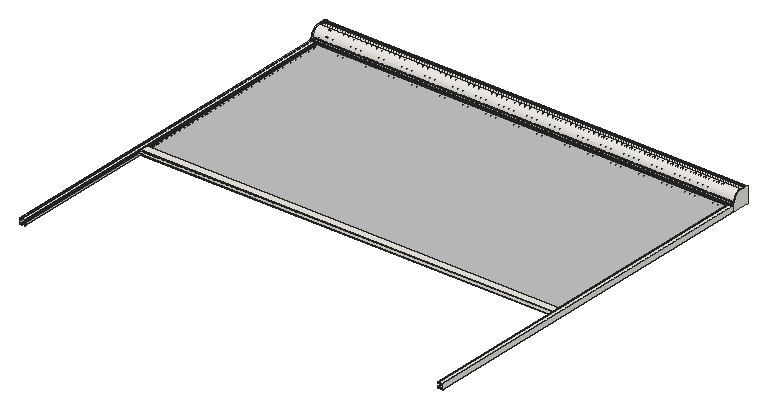
Revit family "Windows_Blinds_Nimex_SC_75", category Specialty Equipment, host Face, Revit 2018
Family settings
  Host = Face
  Round Connector Dimension = Use Diameter
  Part Type = Normal
  OmniClass Number = 23.40.10.14
  OmniClass Title = Exterior Specialties
  Cut with Voids When Loaded = No
  Shared = No
  Room Calculation Point = No
Parameters (values of type "SC 75")
  TotalWidthControl [instance] = if(TotalWidth < 700 mm, 700 mm, if(TotalWidth > 2000 mm, 2000 mm, TotalWidth))  # 2000 mm
  WarrantyStartDate [instance] = "n/a"
  WarrantyGuarantorParts = "n/a"
  WarrantyGuarantorLabor = "n/a"
  WarrantyDurationUnit = "Years"
  WarrantyDurationParts = "n/a"
  WarrantyDurationLabor = "n/a"
  WarrantyDescription = "n/a"
  VersionDate = "15/04/2021"  # constant formula
  Version = "1"  # constant formula
  Uniclass2015Reference = "Ss_25_12_60_65"
  Uniclass2015Description = "Privacy screen systems"
  Uniclass2 = "Ss_25_12_60_65"
  URL = "https://elissi.se/screen-sc75/"
  Type Comments = ""
  TotalWidth [instance] = 2000 mm
  TotalHeight [instance] = 1800 mm
  TagNumber [instance] = "n/a"
  SustainabilityPerformance = "n/a"
  Size = "2000x75x1800 mm"
  Shape = "Sculptured"
  SerialNumber [instance] = "n/a"
  ScreenHeightControl [instance] = if(ScreenHeightPosition < 0 mm, 0 mm, if(ScreenHeightPosition > TotalHeightControl - 122 mm, TotalHeightControl - 122 mm, ScreenHeightPosition))  # 1000 mm
  ScreenHeightPosition [instance] = 1000 mm
  Revision = "n/a"
  ReplacementCost = "n/a"
  ProductInformation = "n/a"
  ProductDatasheet = ""
  NominalWidth [instance] = TotalWidthControl  # 2000 mm
  NominalHeight [instance] = TotalHeightControl  # 1800 mm
  NominalDepth = 75 mm
  Name = "Nimex_SC_75"
  NBSReference = "25-05-60/165"
  NBSDescription = "Privacy screen system"
  ModelReference = "n/a"
  ModelNumber = "n/a"
  Model = "SC 75"
  Material = "Aluminum & plastic"
  ManufacturerURL = "https://www.nimex.se/"
  ManufacturerName = "Nimex"
  Manufacturer = ManufacturerName  # "Nimex"
  InstallationDate [instance] = "n/a"
  IfcExportType = "BLIND"  # constant formula
  IfcExportAs = "IfcShadingDeviceType"  # constant formula
  TotalHeightControl [instance] = if(TotalHeight < 150 mm, 150 mm, if(TotalHeight > 1800 mm, 1800 mm, TotalHeight))  # 1800 mm
  Grade = "n/a"
  Finish = "Profile color Lacquered aluminum profile. White, gray or black. Optional RAL color at extra cost. Material Plastic details in black or white."
  Features = "Sun protection type Fiberglass-based screen weave."
  ExpectedLife = "n/a"
  DurationUnit = "Years"
  Description = ""
  Default Elevation = 0 mm
  Constituents = "n/a"
  Color = "Various"
  CodePerformance = "n/a"
  Category = "Screens"
  Brand = "Elissi"
  BlindSecondaryMaterial [instance] = White steel
  BlindMainMaterial [instance] = 321707 Pearl-white
  Barcode [instance] = "n/a"
  BIMObjectName = "Windows_Blinds_Nimex_SC_75"
  Author = "BIMStone"  # constant formula
  AssetType = "Fixed"
  AssetIdentifier [instance] = "n/a"
  Assembly Code = ""
  AccessibilityPerformance = "n/a"
Reference planes
  plane 1 "Center (Front/Back)": y = 0
  plane 2: z = 0
  plane 3 "Center (Left/Right)": x = 0
  plane 4: x = -1000
  plane 5: x = 1000
  plane 6: y = 1800
  plane 7: z = 75
Dimensions and locks
  equal spacing: plane 4, plane 3 "Center (Left/Right)", plane 5
  "NominalWidth": plane 4 to plane 5
  "NominalHeight": plane 6 to plane 1 "Center (Front/Back)"
  "NominalDepth": plane 2 to plane 7
  aligned and locked: host face to plane 2
  aligned and locked: level to host face
  aligned and locked: nested 1 to plane 2
  aligned and locked: nested 1 to plane 1 "Center (Front/Back)"
  aligned and locked: plane 3 "Center (Left/Right)" to nested 1
Automatic sketch dimensions
  host sketch curve to host sketch curve = 5000 mm
  host sketch curve to host sketch curve = 5719.2 mm
Nested families
  nested 1: "SC_75" at (0, 0, 29.5) x (1, 0, 0) z (0, 1, 0), FrameMaterial <- "BlindSecondaryMaterial", ScreenMaterial <- "BlindMainMaterial", ScreenHeigthControl <- "ScreenHeightControl", TotalHeightControl <- "TotalHeightControl", TotalWidthControl <- "TotalWidthControl", type "SC_75"
    with TotalWidthControl 2000 mm, TotalHeightControl 1800 mm, ScreenMaterial 321707 Pearl-white, ScreenHeigthControl 1000 mm, FrameMaterial White steel
Definition of nested family "SC_75"
  Parameters (values of type "SC_75")
    TotalWidthControl [instance] = 500 mm
    TotalHeightControl [instance] = 1500 mm
    ScreenMaterial [instance] = none
    ScreenHeigthControl [instance] = 500 mm
    FrameMaterial [instance] = none
    Default Elevation = 1219.2 mm
  Reference planes
    plane 1 "Center (Front/Back)": y = 15.5
    plane 2: z = 0
    plane 3 "Center (Left/Right)": x = 0
    plane 4: x = -250
    plane 5: x = 250
    plane 6: z = 1500
    plane 7: y = 4.5
    plane 8: y = 29.5
    plane 9: y = -45.5
    plane 10: z = 1418
    plane 11: z = 918
    plane 12: z = 878
  Forms (mm)
    Extrusion 1, solid, material <- "FrameMaterial", detail levels coarse
      sketch origin (0, 0, 0) x (1, 0, 0) y (0, 1, 0)
        loop
          line (-250, 29.5) -> (-250, -45.5) -> (250, -45.5) -> (250, 29.5) -> (-250, 29.5)
      from 0 to 1500 <- "TotalHeightControl"
  Lines and regions (mm)
    symbolic lines, detail levels medium+fine
      curve 1: line (0, 4.5, 1418) -> (0, 4.5, 0)
      curve 2: line (0, 29.5, 1418) -> (0, 29.5, 0)
      curve 3: line (0, 29.5, 0) -> (0, 4.5, 0)
      curve 4: line (-250, 15.5, 1500) -> (250, 15.5, 1500)
      curve 6: line (-250, 15.5, 1500) -> (-250, 15.5, 0)
      curve 7: line (250, 15.5, 0) -> (250, 15.5, 1500)
      curve 11: line (-250, 29.5, 0) -> (250, 29.5, 0)
      curve 12: line (-250, -45.5, 0) -> (-250, 29.5, 0)
      curve 13: line (250, -45.5, 0) -> (-250, -45.5, 0)
      curve 14: line (250, 29.5, 0) -> (250, -45.5, 0)
      curve 17: line (-250, 15.5, 0) -> (-225, 15.5, 0)
      curve 20: line (225, 15.5, 0) -> (250, 15.5, 0)
    symbolic lines, detail levels fine
      curve 5: line (-250, 15.5, 1418) -> (250, 15.5, 1418)
      curve 8: line (-225, 15.5, 918) -> (225, 15.5, 918)
      curve 9: line (225, 15.5, 0) -> (225, 15.5, 1418)
      curve 10: line (-225, 15.5, 0) -> (-225, 15.5, 1418)
      curve 15: line (-250, -25.901, 0) -> (250, -25.901, 0)
      curve 16: line (-250, -30.053, 0) -> (250, -30.053, 0)
      curve 18: line (-225, 15.5, 878) -> (225, 15.5, 878)
      curve 21: line (218.498, 24.783, 0) -> (-218.498, 24.783, 0)
      curve 22: line (-218.498, 6.783, 0) -> (218.498, 6.783, 0)
      curve 23: line (0, 21, 1418) -> (0, 21, 0)
      curve 24: line (0, 10, 1418) -> (0, 10, 0)
    symbolic lines, detail levels medium
      curve 19: line (-225, 15.5, 0) -> (225, 15.5, 0)
  Dimensions and locks
    "TotalWidthControl": plane 4 to plane 5
    equal spacing: plane 4, plane 3 "Center (Left/Right)", plane 5
    plane 8 to plane 9 = 75 mm
    locked: plane 6 to plane 10 at 82
    "TotalHeightControl": plane 6 to plane 2
    locked: plane 11 to plane 12 at 40
    "ScreenHeigthControl": plane 10 to plane 11
    aligned and locked: level to plane 2
    aligned and locked: plane 5 to nested 2
    aligned and locked: plane 3 "Center (Left/Right)" to nested 3
    aligned and locked: plane 4 to curve 4
    aligned and locked: plane 5 to curve 4
    aligned and locked: plane 5 to curve 5
    aligned and locked: plane 4 to curve 5
    aligned and locked: curve 5 to curve 10
    aligned and locked: plane 10 to curve 9
    aligned and locked: plane 4 to curve 12
    aligned and locked: plane 5 to curve 14
    aligned and locked: curve 13 to plane 9
    aligned and locked: curve 11 to plane 8
    aligned and locked: plane 2 to curve 10
    aligned and locked: plane 8 to nested 3
    aligned and locked: nested 5 to plane 11
    aligned and locked: plane 8 to nested 1
    aligned and locked: nested 2 to plane 8
    aligned and locked: nested 2 to plane 5  (x2)
    aligned and locked: plane 1 "Center (Front/Back)" to nested 5
    aligned and locked: plane 3 "Center (Left/Right)" to nested 5
    aligned and locked: plane 1 "Center (Front/Back)" to nested 4
    aligned and locked: curve 18 to plane 12
    aligned and locked: plane 4 to nested 1
    aligned and locked: nested 3 to plane 10
    aligned and locked: curve 10 to nested 1
    aligned and locked: curve 9 to nested 2
    aligned and locked: plane 11 to curve 8
    aligned and locked: curve 21 to nested 1  (x2)
    aligned and locked: nested 1 to curve 22
    aligned and locked: curve 21 to nested 2
    aligned and locked: nested 2 to curve 22
    aligned and locked: plane 1 "Center (Front/Back)" to nested 1
    aligned and locked: nested 2 to plane 1 "Center (Front/Back)"
    aligned and locked: curve 22 to nested 1
    aligned and locked: plane 10 to curve 24
    aligned and locked: plane 10 to curve 23
  Automatic sketch dimensions
    Extrusion 1 sketch curve to plane 4 = 0 mm
    Extrusion 1 sketch curve to plane 5 = 0 mm
    plane 9 to Extrusion 1 sketch curve = 0 mm
    Extrusion 1 sketch curve to plane 8 = 0 mm
    curve 16 to plane 9 = 15.447 mm
    curve 16 to curve 15 = 4.152 mm
    curve 6 to plane 6 = 0 mm
    curve 1 to level = 0 mm
    curve 1 to plane 7 = 0 mm
    curve 2 to plane 8 = 0 mm
    plane 1 "Center (Front/Back)" to curve 24 = 5.5 mm
    curve 23 to plane 1 "Center (Front/Back)" = 5.5 mm
    curve 1 to plane 10 = 0 mm
    curve 2 to plane 10 = 0 mm
  Nested families
    nested 1: "SC_75_Legs" at (-250, 15.5, 0), TotalHeight <- "TotalHeightControl", Metal <- "FrameMaterial", type "SC_75_Legs"
      with TotalHeight 1500 mm, Metal none
    nested 2: "SC_75_Legs" at (250, 15.5, 0) x (-1, 0, 0) z (0, 0, 1), TotalHeight <- "TotalHeightControl", Metal <- "FrameMaterial", type "SC_75_Legs"
      with TotalHeight 1500 mm, Metal none
    nested 3: "SC_75_Top" at (0, -17.646, 1418), TotalWidth <- "TotalWidthControl", Metal <- "FrameMaterial", Screen <- "ScreenMaterial", type "SC_75_Top"
      with TotalWidth 500 mm, SideOffset 35 mm, Screen none, Metal none
    nested 4: "SC_75_Screen" at (0, 15.5, 0), ScreenHeightControl <- "ScreenHeigthControl", TotalHeight <- "TotalHeightControl", TotalWidth <- "TotalWidthControl", Screen <- "ScreenMaterial", type "SC_75_Screen", detail levels medium+fine
      with TotalWidth 500 mm, TotalHeight 1500 mm, SideOffset 35 mm, ScreenHeightControl 500 mm, Screen none
    nested 5: "SC_75_Screen-Frame" at (0, 15.5, 878), TotalWidth <- "TotalWidthControl", Metal <- "FrameMaterial", type "SC_75_Screen-Frame", detail levels medium+fine
      with TotalWidth 500 mm, SideOffset 25 mm, Metal none
  Definition of nested family "SC_75_Legs"
    Parameters (values of type "SC_75_Legs")
      TotalHeight [instance] = 500 mm
      Metal [instance] = none
    Reference planes
      plane 1 "Center (Front/Back)": y = 0
      plane 2: z = 0
      plane 3 "Center (Left/Right)": x = 0
      plane 4: z = 418
      plane 5: z = 500
      plane 6: y = 14
      plane 7: y = -11
      plane 8: x = 25
      plane 9: y = 5.75
      plane 10: y = -6
    Forms (mm)
      Extrusion 1, solid, material <- "Metal", detail levels medium+fine
        sketch origin (67, 0.882, 0) x (1, 0, 0) y (0, 1, 0)
          loop
            line (-59.1, -10.382) -> (-59.1, -5.382) -> (-60.6, -5.382) -> (-60.6, -10.382) -> (-65.5, -10.382) -> (-65.5, 11.618) -> (-60.6, 11.618) -> (-60.6, 6.618) -> (-59.1, 6.618) -> (-59.1, 8.568) -> (-43.5, 8.568) -> (-43.5, 5.618)
            arc (-43.5, 5.618) -> (-42.75, 4.868) -> (-42, 5.618) r 0.75
            line (-42, 5.618) -> (-42, 12.118)
            arc (-42, 12.118) -> (-42.293, 12.825) -> (-43, 13.118) r 1
            line (-43, 13.118) -> (-43.84, 13.118)
            arc (-43.84, 13.118) -> (-44.251, 12.903) -> (-44.309, 12.442) r 0.5
            line (-44.309, 12.442) -> (-43.598, 10.543)
            arc (-43.598, 10.543) -> (-43.656, 10.083) -> (-44.067, 9.868) r 0.5
            line (-44.067, 9.868) -> (-58.539, 9.868)
            arc (-58.539, 9.868) -> (-58.95, 10.083) -> (-59.007, 10.543) r 0.5
            line (-59.007, 10.543) -> (-58.297, 12.442)
            arc (-58.297, 12.442) -> (-58.354, 12.903) -> (-58.765, 13.118) r 0.5
            line (-58.765, 13.118) -> (-66.5, 13.118)
            arc (-66.5, 13.118) -> (-66.854, 12.971) -> (-67, 12.618) r 0.5
            line (-67, 12.618) -> (-67, -11.382)
            arc (-67, -11.382) -> (-66.854, -11.736) -> (-66.5, -11.882) r 0.5
            line (-66.5, -11.882) -> (-43, -11.882)
            arc (-43, -11.882) -> (-42.293, -11.59) -> (-42, -10.882) r 1
            line (-42, -10.882) -> (-42, -7.632)
            arc (-42, -7.632) -> (-42.75, -6.882) -> (-43.5, -7.632) r 0.75
            line (-43.5, -7.632) -> (-43.5, -10.382) -> (-59.1, -10.382)
        from 0 to 418
    Lines and regions (mm)
      symbolic lines, detail levels fine
        curve 1: line (7.9, 9.45, 0) -> (23.5, 9.45, 0)
        curve 2: line (23.5, 9.45, 0) -> (23.5, 6.5, 0)
        curve 3: arc (23.5, 6.5, 0) -> (24.25, 5.75, 0) -> (25, 6.5, 0) r 0.75
        curve 4: line (25, 6.5, 0) -> (25, 13, 0)
        curve 5: arc (25, 13, 0) -> (24.707, 13.707, 0) -> (24, 14, 0) r 1
        curve 6: line (24, 14, 0) -> (23.16, 14, 0)
        curve 7: arc (23.16, 14, 0) -> (22.749, 13.785, 0) -> (22.691, 13.325, 0) r 0.5
        curve 8: line (22.691, 13.325, 0) -> (23.402, 11.425, 0)
        curve 9: arc (23.402, 11.425, 0) -> (23.344, 10.965, 0) -> (22.933, 10.75, 0) r 0.5
        curve 10: line (22.933, 10.75, 0) -> (8.461, 10.75, 0)
        curve 11: arc (8.461, 10.75, 0) -> (8.05, 10.965, 0) -> (7.993, 11.425, 0) r 0.5
        curve 12: line (7.993, 11.425, 0) -> (8.703, 13.325, 0)
        curve 13: arc (8.703, 13.325, 0) -> (8.646, 13.785, 0) -> (8.235, 14, 0) r 0.5
        curve 14: line (8.235, 14, 0) -> (0.5, 14, 0)
        curve 15: arc (0.5, 14, 0) -> (0.146, 13.854, 0) -> (0, 13.5, 0) r 0.5
        curve 16: line (0, 13.5, 0) -> (0, -10.5, 0)
        curve 17: arc (0, -10.5, 0) -> (0.146, -10.854, 0) -> (0.5, -11, 0) r 0.5
        curve 18: line (0.5, -11, 0) -> (24, -11, 0)
        curve 19: arc (24, -11, 0) -> (24.707, -10.707, 0) -> (25, -10, 0) r 1
        curve 20: line (25, -10, 0) -> (25, -6.75, 0)
        curve 21: arc (25, -6.75, 0) -> (24.25, -6, 0) -> (23.5, -6.75, 0) r 0.75
        curve 22: line (23.5, -6.75, 0) -> (23.5, -9.5, 0)
        curve 23: line (23.5, -9.5, 0) -> (7.9, -9.5, 0)
        curve 24: line (7.9, -9.5, 0) -> (7.9, -4.5, 0)
        curve 25: line (7.9, -4.5, 0) -> (6.4, -4.5, 0)
        curve 26: line (6.4, -4.5, 0) -> (6.4, -9.5, 0)
        curve 27: line (6.4, -9.5, 0) -> (1.5, -9.5, 0)
        curve 28: line (1.5, -9.5, 0) -> (1.5, 12.5, 0)
        curve 29: line (1.5, 12.5, 0) -> (6.4, 12.5, 0)
        curve 30: line (6.4, 12.5, 0) -> (6.4, 7.5, 0)
        curve 31: line (6.4, 7.5, 0) -> (7.9, 7.5, 0)
        curve 32: line (7.9, 7.5, 0) -> (7.9, 9.45, 0)
        curve 33: line (13.77, 8.283, 0) -> (13.77, -7.717, 0)
        curve 34: line (13.77, 8.283, 0) -> (17.77, 8.283, 0)
        curve 35: line (17.77, 8.283, 0) -> (17.77, 5.283, 0)
        curve 36: line (28.502, 5.283, 0) -> (17.77, 5.283, 0)
        curve 37: line (17.77, -7.717, 0) -> (13.77, -7.717, 0)
        curve 38: line (17.77, -4.717, 0) -> (29.77, -4.717, 0)
        curve 39: line (17.77, -4.717, 0) -> (17.77, -7.717, 0)
        curve 40: line (28.502, -6.717, 0) -> (28.502, -5.217, 0)
        curve 41: arc (28.502, 7.283, 0) -> (29.088, 8.697, 0) -> (30.502, 9.283, 0) r 2
        curve 42: line (30.502, 9.283, 0) -> (31.502, 9.283, 0)
        curve 43: line (31.502, 9.283, 0) -> (31.502, -8.717, 0)
        curve 44: line (31.502, -8.717, 0) -> (30.502, -8.717, 0)
        curve 45: arc (30.502, -8.717, 0) -> (29.088, -8.131, 0) -> (28.502, -6.717, 0) r 2
        curve 46: line (28.502, 5.283, 0) -> (29.77, 5.283, 0)
        curve 47: line (29.77, 5.783, 0) -> (29.77, -5.217, 0)
        curve 48: line (28.502, 5.783, 0) -> (29.77, 5.783, 0)
        curve 49: line (28.502, -5.217, 0) -> (29.77, -5.217, 0)
        curve 50: line (28.502, 5.783, 0) -> (28.502, 7.283, 0)
    Dimensions and locks
      locked: plane 5 to plane 4 at 82
      "TotalHeight": plane 5 to plane 2
      aligned and locked: level to plane 2
      aligned and locked: plane 4 to Extrusion 1
    Automatic sketch dimensions
      Extrusion 1 sketch curve to Extrusion 1 sketch curve = 0.5 mm  (x4)
      Extrusion 1 sketch curve to Extrusion 1 sketch curve = 1 mm  (x3)
      Extrusion 1 sketch curve to Extrusion 1 sketch curve = 4.9 mm
      Extrusion 1 sketch curve to Extrusion 1 sketch curve = 1.5 mm  (x2)
      Extrusion 1 sketch curve to Extrusion 1 sketch curve = 1.593 mm
      Extrusion 1 sketch curve to Extrusion 1 sketch curve = 0.242 mm
      Extrusion 1 sketch curve to Extrusion 1 sketch curve = 0.468 mm  (x4)
      plane 3 "Center (Left/Right)" to Extrusion 1 sketch curve = 22.933 mm
      Extrusion 1 sketch curve to Extrusion 1 sketch curve = 0.226 mm
      plane 3 "Center (Left/Right)" to Extrusion 1 sketch curve = 23.5 mm
      Extrusion 1 sketch curve to Extrusion 1 sketch curve = 0.567 mm
      Extrusion 1 sketch curve to Extrusion 1 sketch curve = 0.84 mm
      Extrusion 1 sketch curve to Extrusion 1 sketch curve = 0.75 mm  (x2)
      plane 1 "Center (Front/Back)" to Extrusion 1 sketch curve = 11 mm
      Extrusion 1 sketch curve to Extrusion 1 sketch curve = 0 mm
      Extrusion 1 sketch curve to Extrusion 1 sketch curve = 3.25 mm
      plane 1 "Center (Front/Back)" to Extrusion 1 sketch curve = 4.5 mm
      Extrusion 1 sketch curve to plane 1 "Center (Front/Back)" = 6.5 mm
      Extrusion 1 sketch curve to plane 1 "Center (Front/Back)" = 7.5 mm
      Extrusion 1 sketch curve to Extrusion 1 sketch curve = 1.95 mm
      Extrusion 1 sketch curve to Extrusion 1 sketch curve = 1.3 mm
      Extrusion 1 sketch curve to Extrusion 1 sketch curve = 1.075 mm
      Extrusion 1 sketch curve to Extrusion 1 sketch curve = 1.575 mm
      Extrusion 1 sketch curve to Extrusion 1 sketch curve = 1.9 mm
      Extrusion 1 sketch curve to Extrusion 1 sketch curve = 0.175 mm
      Extrusion 1 sketch curve to plane 6 = 0 mm
      plane 3 "Center (Left/Right)" to Extrusion 1 sketch curve = 8.703 mm
      Extrusion 1 sketch curve to Extrusion 1 sketch curve = 6.4 mm
      curve 17 to curve 17 = 0.5 mm
      curve 15 to curve 15 = 0.5 mm  (x2)
      curve 15 to curve 29 = 1.414 mm
      curve 27 to curve 27 = 4.9 mm
      curve 28 to curve 31 = 7.001 mm
      curve 30 to curve 1 = 2.46 mm
      curve 26 to curve 23 = 1.5 mm
      curve 29 to curve 12 = 1.922 mm
      curve 29 to curve 14 = 2.37 mm
      curve 12 to curve 11 = 0.5 mm
      curve 13 to curve 12 = 0.5 mm
      curve 23 to curve 37 = 6.135 mm  (x2)
      curve 33 to curve 34 = 4 mm  (x2)
      curve 33 to curve 37 = 4 mm  (x2)
      curve 34 to curve 8 = 7.046 mm
      curve 7 to curve 9 = 2.089 mm
      curve 7 to curve 7 = 0.5 mm
      curve 9 to curve 8 = 0.5 mm
      curve 37 to curve 22 = 5.811 mm
      curve 10 to curve 2 = 4.288 mm
      curve 22 to curve 18 = 1.581 mm
      curve 7 to curve 5 = 0.978 mm
      curve 3 to curve 3 = 0.75 mm
      curve 21 to curve 21 = 0.75 mm
      curve 21 to curve 40 = 3.502 mm
      curve 40 to curve 45 = 2 mm
      curve 41 to curve 42 = 2.828 mm
      curve 44 to curve 43 = 1 mm
      curve 19 to curve 22 = 0.707 mm
      curve 17 to curve 28 = 1.414 mm
      curve 19 to curve 44 = 6.627 mm
      curve 22 to curve 21 = 2.85 mm
      curve 37 to curve 38 = 3 mm
      curve 23 to curve 24 = 5 mm
      curve 38 to curve 36 = 10 mm
      curve 36 to curve 47 = 1.363 mm
      curve 48 to curve 4 = 3.575 mm
      curve 47 to curve 41 = 1.669 mm
      curve 35 to curve 32 = 10.116 mm
      curve 35 to curve 35 = 3 mm
      curve 31 to curve 32 = 1.95 mm
      curve 1 to curve 10 = 1.416 mm
      curve 10 to curve 9 = 0.5 mm  (x2)
      curve 10 to curve 11 = 0.5 mm
      curve 11 to curve 29 = 6.581 mm
      curve 9 to curve 4 = 2.244 mm
      curve 12 to curve 12 = 2.028 mm
      curve 8 to curve 6 = 0.822 mm
      curve 13 to curve 13 = 0.5 mm
      curve 49 to curve 38 = 1.363 mm
      curve 50 to curve 40 = 11 mm
      curve 49 to curve 49 = 1.268 mm
      curve 36 to curve 48 = 0.5 mm
      curve 16 to plane 3 "Center (Left/Right)" = 0 mm
      curve 15 to plane 6 = 0 mm
      curve 17 to plane 7 = 0 mm
      curve 7 to plane 6 = 0 mm
      curve 3 to plane 8 = 0 mm
      curve 19 to plane 8 = 0 mm
      plane 3 "Center (Left/Right)" to curve 17 = 0.5 mm
      curve 17 to curve 27 = 1 mm
      plane 1 "Center (Front/Back)" to curve 25 = 4.5 mm
      plane 3 "Center (Left/Right)" to curve 25 = 6.4 mm
      plane 3 "Center (Left/Right)" to curve 31 = 6.4 mm
      curve 25 to curve 24 = 1.5 mm
      curve 30 to curve 31 = 1.5 mm
      curve 12 to plane 6 = 2.575 mm
      curve 29 to curve 12 = 1.593 mm
      curve 13 to plane 6 = 0.5 mm
      curve 11 to curve 13 = 0.242 mm
      curve 12 to curve 11 = 0.468 mm
      curve 12 to plane 6 = 0.675 mm
      curve 11 to curve 34 = 5.309 mm
      curve 8 to plane 6 = 0.675 mm
      curve 8 to plane 8 = 2.309 mm
      curve 9 to plane 8 = 2.067 mm
      curve 7 to curve 7 = 0.468 mm
      curve 9 to curve 8 = 0.468 mm
      curve 22 to curve 20 = 1.5 mm
      curve 9 to curve 1 = 0.567 mm
      curve 6 to curve 6 = 0.84 mm
      curve 22 to curve 19 = 0.5 mm
      plane 8 to curve 36 = 3.502 mm
      plane 1 "Center (Front/Back)" to curve 40 = 6.717 mm
      plane 8 to curve 40 = 3.502 mm
      curve 50 to curve 36 = 0 mm
      plane 1 "Center (Front/Back)" to curve 49 = 5.217 mm
      curve 40 to curve 49 = 1.268 mm
      curve 41 to curve 42 = 2 mm
      plane 7 to curve 44 = 2.283 mm
      curve 41 to curve 43 = 1 mm
      curve 17 to curve 28 = 1 mm
      curve 19 to curve 22 = 0.5 mm
      plane 1 "Center (Front/Back)" to curve 37 = 7.717 mm
      plane 1 "Center (Front/Back)" to curve 22 = 6.75 mm
      plane 1 "Center (Front/Back)" to curve 38 = 4.717 mm
      curve 36 to curve 4 = 7.717 mm
      curve 46 to curve 48 = 0.5 mm
      curve 48 to curve 2 = 0.717 mm
      curve 48 to curve 50 = 1.5 mm
      curve 32 to curve 12 = 3.925 mm
      curve 35 to curve 34 = 3 mm
      curve 2 to curve 1 = 2.95 mm
      curve 10 to curve 12 = 0.675 mm
      curve 29 to plane 6 = 1.5 mm
  Definition of nested family "SC_75_Top"
    Parameters (values of type "SC_75_Top")
      TotalWidth [instance] = 500 mm
      SideOffset [instance] = 25 mm
      Screen [instance] = none
      Metal [instance] = none
    Reference planes
      plane 1 "Center (Front/Back)": y = 23.081
      plane 2: z = 0
      plane 3 "Center (Left/Right)": x = 0
      plane 4: x = 250
      plane 5: x = -250
      plane 6: y = 47.146
      plane 7: x = -245
      plane 8: x = 245
      plane 9: z = 82
      plane 10: y = -27.854
      plane 11: x = -225
      plane 12: x = 225
    Forms (mm)
      Extrusion 1, solid, material <- "Metal", detail levels medium+fine
        sketch origin (0, 0, 0) x (0, 1, 0) y (0, 0, 1)
          loop
            arc (47.146, 77.5) -> (45.828, 80.682) -> (42.646, 82) r 4.5
            line (42.646, 82) -> (-23.354, 82)
            arc (-23.354, 82) -> (-26.535, 80.682) -> (-27.853, 77.5) r 4.5
            line (-27.853, 77.5) -> (-27.853, 69.9)
            arc (-27.853, 69.9) -> (-24.833, 68.555) -> (-25.854, 71.7) r 1.81
            line (-25.854, 71.7) -> (-25.854, 73.067)
            arc (-25.854, 73.067) -> (-25.683, 73.443) -> (-25.288, 73.563) r 0.5
            arc (-25.288, 73.563) -> (-22.158, 71.497) -> (-21.839, 67.761) r 4.3
            arc (-21.839, 67.761) -> (-21.846, 67.207) -> (-21.492, 66.782) r 0.8
            arc (-21.492, 66.782) -> (-20.825, 66.72) -> (-20.345, 67.188) r 0.8
            arc (-20.345, 67.188) -> (-20.11, 70.65) -> (-21.862, 73.645) r 5.9
            line (-21.862, 73.645) -> (-22.403, 75.664)
            arc (-22.403, 75.664) -> (-24.669, 78.272) -> (-21.354, 77.3) r 1.8
            arc (-21.354, 77.3) -> (-20.44, 76.554) -> (-19.656, 77.436) r 0.852
            arc (-19.656, 77.436) -> (-19.895, 78.576) -> (-20.494, 79.575) r 3.5
            arc (-20.494, 79.575) -> (-20.568, 80.109) -> (-20.114, 80.4) r 0.5
            line (-20.114, 80.4) -> (39.406, 80.4)
            arc (39.406, 80.4) -> (39.861, 80.109) -> (39.786, 79.575) r 0.5
            arc (39.786, 79.575) -> (39.187, 78.576) -> (38.949, 77.436) r 3.5
            arc (38.949, 77.436) -> (39.732, 76.554) -> (40.646, 77.3) r 0.852
            arc (40.646, 77.3) -> (43.719, 78.573) -> (42.446, 75.5) r 1.8
            arc (42.446, 75.5) -> (41.7, 74.586) -> (42.583, 73.803) r 0.852
            arc (42.583, 73.803) -> (43.723, 74.041) -> (44.721, 74.64) r 3.5
            arc (44.721, 74.64) -> (45.255, 74.714) -> (45.546, 74.26) r 0.5
            line (45.546, 74.26) -> (45.546, 7.74)
            arc (45.546, 7.74) -> (45.255, 7.286) -> (44.721, 7.36) r 0.5
            arc (44.721, 7.36) -> (43.723, 7.959) -> (42.583, 8.198) r 3.5
            arc (42.583, 8.198) -> (41.7, 7.414) -> (42.446, 6.5) r 0.852
            arc (42.446, 6.5) -> (43.719, 3.427) -> (40.646, 4.7) r 1.8
            arc (40.646, 4.7) -> (39.738, 5.447) -> (38.947, 4.577) r 0.853
            arc (38.947, 4.577) -> (41.017, 1.459) -> (44.721, 1.994) r 3.5
            arc (44.721, 1.994) -> (45.255, 2.068) -> (45.546, 1.614) r 0.5
            line (45.546, 1.614) -> (45.546, 0.8)
            arc (45.546, 0.8) -> (46.346, 0) -> (47.146, 0.8) r 0.8
            line (47.146, 0.8) -> (47.146, 77.5)
          loop
            arc (14.328, 6.498) -> (15.098, 6.135) -> (15.31, 5.31) r 1
            arc (15.31, 5.31) -> (16.26, 2.192) -> (19.369, 1.209) r 3.5
            arc (19.369, 1.209) -> (20.188, 0.992) -> (20.546, 0.225) r 1
            line (20.546, 0.225) -> (20.546, -6.501) -> (22.146, -6.501) -> (22.146, 4.514)
            arc (22.146, 4.514) -> (21.366, 5.316) -> (20.544, 4.557) r 0.802
            arc (20.544, 4.557) -> (17.473, 3.381) -> (18.65, 6.451) r 1.8
            arc (18.65, 6.451) -> (19.408, 7.273) -> (18.607, 8.098) r 0.802
            line (18.607, 8.098) -> (9.751, 8.098)
            arc (9.751, 8.098) -> (-15.705, 18.642) -> (-26.249, 44.098) r 36
            line (-26.249, 44.098) -> (-26.249, 65.257)
            arc (-26.249, 65.257) -> (-22.048, 68.462) -> (-24.494, 73.146) r 4.1
            arc (-24.494, 73.146) -> (-25.448, 72.748) -> (-25.051, 71.793) r 0.731
            arc (-25.051, 71.793) -> (-23.913, 69.05) -> (-26.655, 67.912) r 2.1
            line (-26.655, 67.912) -> (-27.854, 67.912) -> (-27.854, 44.234)
            arc (-27.854, 44.234) -> (-16.801, 17.551) -> (9.882, 6.498) r 37.736
            line (9.882, 6.498) -> (14.328, 6.498)
        from -245 to 245
      Extrusion 2, solid, material <- "Metal", detail levels medium+fine
        sketch origin (0, -5.435, -17.5) x (0, 1, 0) y (0, 0, 1)
          loop
            line (52.581, 18.3) -> (52.581, 95)
            arc (52.581, 95) -> (51.263, 98.182) -> (48.081, 99.5) r 4.5
            line (48.081, 99.5) -> (-17.919, 99.5)
            arc (-17.919, 99.5) -> (-21.101, 98.182) -> (-22.419, 95) r 4.5
            line (-22.419, 95) -> (-22.419, 61.518)
            arc (-22.419, 61.518) -> (-11.225, 34.494) -> (15.8, 23.3) r 38.218
            line (15.8, 23.3) -> (18.529, 23.3)
            arc (18.529, 23.3) -> (19.246, 22.998) -> (19.529, 22.274) r 1
            arc (19.529, 22.274) -> (20.849, 18.906) -> (24.182, 17.5) r 4.654
            line (24.182, 17.5) -> (51.789, 17.5)
            arc (51.789, 17.5) -> (52.35, 17.737) -> (52.581, 18.3) r 0.8
        from -250 to -245
      Extrusion 3, solid, material <- "Metal", detail levels medium+fine
        sketch origin (0, -5.435, -17.5) x (0, 1, 0) y (0, 0, 1)
          loop
            arc (-22.419, 61.518) -> (-11.225, 34.494) -> (15.8, 23.3) r 38.218
            line (15.8, 23.3) -> (18.529, 23.3)
            arc (18.529, 23.3) -> (19.246, 22.998) -> (19.529, 22.274) r 1
            arc (19.529, 22.274) -> (20.849, 18.906) -> (24.182, 17.5) r 4.654
            line (24.182, 17.5) -> (51.789, 17.5)
            arc (51.789, 17.5) -> (52.35, 17.737) -> (52.581, 18.3) r 0.8
            line (52.581, 18.3) -> (52.581, 95)
            arc (52.581, 95) -> (51.263, 98.182) -> (48.081, 99.5) r 4.5
            line (48.081, 99.5) -> (-17.919, 99.5)
            arc (-17.919, 99.5) -> (-21.101, 98.182) -> (-22.419, 95) r 4.5
            line (-22.419, 95) -> (-22.419, 61.518)
        from 245 to 250
      Extrusion 4, solid, material <- "Screen", detail levels medium+fine
        sketch origin (0, 0, 0) x (0, 1, 0) y (0, 0, 1)
          loop
            line (35.583, 34.298) -> (32.646, 1) -> (33.647, 1) -> (37.314, 42.568)
            arc (37.314, 42.568) -> (-17.066, 49.632) -> (35.583, 34.298) r 27.5
          loop
            circle (9.851, 43.999) r 21.5
        from -225 to 225
      Extrusion 5, solid, material <- "Metal", detail levels medium+fine
        sketch origin (0, 0, 0) x (0, 1, 0) y (0, 0, 1)
          loop
            arc (11.913, 63.427) -> (9.851, 55.999) -> (7.789, 63.427) r 4
            arc (7.789, 63.427) -> (7.626, 64.405) -> (6.701, 64.761) r 1
            arc (6.701, 64.761) -> (9.851, 22.999) -> (13.001, 64.761) r 21
            arc (13.001, 64.761) -> (12.076, 64.405) -> (11.913, 63.427) r 1
          loop
            arc (14.078, 62.669) -> (9.851, 54.999) -> (5.624, 62.669) r 5
            arc (5.624, 62.669) -> (5.607, 63.229) -> (5.082, 63.422) r 0.5
            arc (5.082, 63.422) -> (9.851, 23.999) -> (14.62, 63.422) r 20
            arc (14.62, 63.422) -> (14.095, 63.229) -> (14.078, 62.669) r 0.5
        from -245 to 245
    Lines and regions (mm)
      symbolic lines, detail levels medium+fine
        curve 1: arc (0, 42.646, 82) -> (0, 45.828, 80.682) -> (0, 47.146, 77.5) r 4.5
        curve 2: line (0, 47.146, 77.5) -> (0, 47.146, 0)
        curve 3: arc (0, 18.747, 0) -> (0, 15.414, 1.406) -> (0, 14.094, 4.774) r 4.654
        curve 4: arc (0, 14.094, 4.774) -> (0, 13.811, 5.498) -> (0, 13.095, 5.8) r 1
        curve 5: line (0, 13.095, 5.8) -> (0, 10.365, 5.8)
        curve 6: arc (0, 10.365, 5.8) -> (0, -16.66, 16.994) -> (0, -27.854, 44.018) r 38.218
        curve 7: line (0, -27.854, 44.018) -> (0, -27.854, 77.5)
        curve 8: arc (0, -27.854, 77.5) -> (0, -26.536, 80.682) -> (0, -23.354, 82) r 4.5
        curve 9: line (0, -23.354, 82) -> (0, 42.646, 82)
        curve 10: line (0, 22.146, 0) -> (0, 18.747, 0)
      symbolic lines, detail levels fine
        curve 11: line (0, 45.546, 7.74) -> (0, 45.546, 74.26)
        curve 12: arc (0, 45.546, 74.26) -> (0, 45.255, 74.714) -> (0, 44.721, 74.64) r 0.5
        curve 13: arc (0, 44.721, 74.64) -> (0, 43.723, 74.041) -> (0, 42.583, 73.803) r 3.5
        curve 14: arc (0, 42.583, 73.803) -> (0, 41.7, 74.586) -> (0, 42.446, 75.5) r 0.852
        curve 15: arc (0, 42.446, 75.5) -> (0, 43.719, 78.573) -> (0, 40.646, 77.3) r 1.8
        curve 16: arc (0, 40.646, 77.3) -> (0, 39.732, 76.554) -> (0, 38.949, 77.436) r 0.852
        curve 17: arc (0, 38.949, 77.436) -> (0, 39.187, 78.576) -> (0, 39.786, 79.575) r 3.5
        curve 18: arc (0, 39.786, 79.575) -> (0, 39.861, 80.109) -> (0, 39.406, 80.4) r 0.5
        curve 19: line (0, 39.406, 80.4) -> (0, -20.114, 80.4)
        curve 20: arc (0, -20.114, 80.4) -> (0, -20.568, 80.109) -> (0, -20.494, 79.575) r 0.5
        curve 21: arc (0, -20.494, 79.575) -> (0, -19.895, 78.576) -> (0, -19.656, 77.436) r 3.5
        curve 22: arc (0, -19.656, 77.436) -> (0, -20.44, 76.554) -> (0, -21.354, 77.3) r 0.852
        curve 23: arc (0, -21.354, 77.3) -> (0, -24.669, 78.272) -> (0, -22.403, 75.664) r 1.8
        curve 24: line (0, -22.403, 75.664) -> (0, -21.862, 73.645)
        curve 25: arc (0, -21.862, 73.645) -> (0, -20.11, 70.65) -> (0, -20.345, 67.188) r 5.9
        curve 26: arc (0, -20.345, 67.188) -> (0, -20.825, 66.72) -> (0, -21.492, 66.782) r 0.8
        curve 27: arc (0, -21.492, 66.782) -> (0, -21.846, 67.207) -> (0, -21.839, 67.761) r 0.8
        curve 28: arc (0, -21.839, 67.761) -> (0, -22.158, 71.497) -> (0, -25.288, 73.563) r 4.3
        curve 29: arc (0, -25.288, 73.563) -> (0, -25.683, 73.443) -> (0, -25.854, 73.067) r 0.5
        curve 30: line (0, -25.854, 73.067) -> (0, -25.854, 71.7)
        curve 31: arc (0, -25.854, 71.7) -> (0, -24.833, 68.555) -> (0, -27.853, 69.9) r 1.81
        curve 32: arc (0, 47.146, 0.8) -> (0, 46.346, 0) -> (0, 45.546, 0.8) r 0.8
        curve 33: line (0, 45.546, 0.8) -> (0, 45.546, 1.614)
        curve 34: arc (0, 45.546, 1.614) -> (0, 45.255, 2.068) -> (0, 44.721, 1.994) r 0.5
        curve 35: arc (0, 44.721, 1.994) -> (0, 41.017, 1.459) -> (0, 38.947, 4.577) r 3.5
        curve 36: arc (0, 38.947, 4.577) -> (0, 39.738, 5.447) -> (0, 40.646, 4.7) r 0.853
        curve 37: arc (0, 40.646, 4.7) -> (0, 43.719, 3.427) -> (0, 42.446, 6.5) r 1.8
        curve 38: arc (0, 42.446, 6.5) -> (0, 41.7, 7.414) -> (0, 42.583, 8.198) r 0.852
        curve 39: arc (0, 42.583, 8.198) -> (0, 43.723, 7.959) -> (0, 44.721, 7.36) r 3.5
        curve 40: arc (0, 44.721, 7.36) -> (0, 45.255, 7.286) -> (0, 45.546, 7.74) r 0.5
        curve 41: arc (0, -26.249, 44.238) -> (0, -15.651, 18.652) -> (0, 9.935, 8.054) r 36.184
        curve 42: line (0, 9.935, 8.054) -> (0, 18.607, 8.054)
        curve 43: line (0, -27.854, 67.912) -> (0, -26.655, 67.912)
        curve 44: arc (0, -26.655, 67.912) -> (0, -23.913, 69.05) -> (0, -25.051, 71.793) r 2.1
        curve 45: arc (0, -25.051, 71.793) -> (0, -25.448, 72.748) -> (0, -24.494, 73.146) r 0.731
        curve 46: arc (0, -24.494, 73.146) -> (0, -22.048, 68.462) -> (0, -26.249, 65.257) r 4.1
        curve 47: line (0, -26.249, 65.257) -> (0, -26.249, 44.238)
        curve 48: line (0, 47.146, 0) -> (0, 22.146, 0)
        curve 49: circle (0, 9.851, 43.999) r 34 normal (-1, 0, 0)
        curve 50: circle (0, 9.851, 43.999) r 27.5 normal (-1, 0, 0)
        curve 51: circle (0, 9.851, 43.999) r 27 normal (-1, 0, 0)
        curve 52: circle (0, 9.851, 43.999) r 26.5 normal (-1, 0, 0)
        curve 53: circle (0, 9.851, 43.999) r 26 normal (-1, 0, 0)
        curve 54: circle (0, 9.851, 43.999) r 25.5 normal (-1, 0, 0)
        curve 55: circle (0, 9.851, 43.999) r 25 normal (-1, 0, 0)
        curve 56: circle (0, 9.851, 43.999) r 24.5 normal (-1, 0, 0)
        curve 57: circle (0, 9.851, 43.999) r 24 normal (-1, 0, 0)
        curve 58: circle (0, 9.851, 43.999) r 23.5 normal (-1, 0, 0)
        curve 59: circle (0, 9.851, 43.999) r 23 normal (-1, 0, 0)
        curve 60: circle (0, 9.851, 43.999) r 22.5 normal (-1, 0, 0)
        curve 61: circle (0, 9.851, 43.999) r 22 normal (-1, 0, 0)
        curve 62: circle (0, 9.851, 43.999) r 21.5 normal (-1, 0, 0)
        curve 63: arc (0, 13.001, 64.761) -> (0, 9.851, 22.999) -> (0, 6.701, 64.761) r 21
        curve 64: arc (0, 14.62, 63.422) -> (0, 9.851, 23.999) -> (0, 5.082, 63.422) r 20
        curve 65: arc (0, 14.078, 62.669) -> (0, 9.851, 54.999) -> (0, 5.624, 62.669) r 5
        curve 66: arc (0, 5.082, 63.422) -> (0, 5.607, 63.229) -> (0, 5.624, 62.669) r 0.5
        curve 67: arc (0, 14.078, 62.669) -> (0, 14.095, 63.229) -> (0, 14.62, 63.422) r 0.5
        curve 68: arc (0, 11.913, 63.427) -> (0, 9.851, 55.999) -> (0, 7.789, 63.427) r 4
        curve 69: arc (0, 6.701, 64.761) -> (0, 7.626, 64.405) -> (0, 7.789, 63.427) r 1
        curve 70: arc (0, 11.913, 63.427) -> (0, 12.076, 64.405) -> (0, 13.001, 64.761) r 1
        curve 71: line (0, 42.146, -1) -> (0, 42.146, -35)
        curve 72: line (0, 42.146, -35) -> (0, 42.146, -39)
        curve 73: arc (0, 42.146, -39) -> (0, 41.853, -39.707) -> (0, 41.146, -40) r 1
        curve 74: line (0, 41.146, -40) -> (0, 25.146, -40)
        curve 75: arc (0, 25.146, -40) -> (0, 24.439, -39.707) -> (0, 24.146, -39) r 1
        curve 76: line (0, 24.146, -39) -> (0, 24.146, -35)
        curve 77: line (0, 24.146, -35) -> (0, 24.146, -1)
        curve 78: arc (0, 24.146, -1) -> (0, 24.439, -0.293) -> (0, 25.146, 0) r 1
        curve 79: line (0, 25.146, 0) -> (0, 29.646, 0)
        curve 80: arc (0, 29.646, 0) -> (0, 30.353, -0.293) -> (0, 30.646, -1) r 1
        curve 81: line (0, 30.646, -1) -> (0, 30.646, -2.127)
        curve 82: arc (0, 30.646, -2.127) -> (0, 30.536, -2.583) -> (0, 30.23, -2.939) r 1
        curve 83: arc (0, 30.23, -2.939) -> (0, 33.146, -12) -> (0, 36.063, -2.939) r 5
        curve 84: arc (0, 36.063, -2.939) -> (0, 35.757, -2.583) -> (0, 35.646, -2.127) r 1
        curve 85: line (0, 35.646, -2.127) -> (0, 35.646, -1)
        curve 86: arc (0, 35.646, -1) -> (0, 35.939, -0.293) -> (0, 36.646, 0) r 1
        curve 87: line (0, 36.646, 0) -> (0, 41.146, 0)
        curve 88: arc (0, 41.146, 0) -> (0, 41.853, -0.293) -> (0, 42.146, -1) r 1
        curve 89: line (0, 36.802, -17.258) -> (0, 38.509, -12.665)
        curve 90: arc (0, 38.509, -12.665) -> (0, 39.623, -12.029) -> (0, 40.446, -13.013) r 1
        curve 91: line (0, 40.446, -13.013) -> (0, 40.446, -33.3)
        curve 92: line (0, 40.446, -33.3) -> (0, 40.446, -37.3)
        curve 93: arc (0, 40.446, -37.3) -> (0, 40.153, -38.007) -> (0, 39.446, -38.3) r 1
        curve 94: line (0, 39.446, -38.3) -> (0, 26.846, -38.3)
        curve 95: arc (0, 26.846, -38.3) -> (0, 26.139, -38.007) -> (0, 25.846, -37.3) r 1
        curve 96: line (0, 25.846, -37.3) -> (0, 25.846, -33.3)
        curve 97: line (0, 25.846, -33.3) -> (0, 25.846, -13.013)
        curve 98: arc (0, 25.846, -13.013) -> (0, 26.669, -12.029) -> (0, 27.784, -12.665) r 1
        curve 99: line (0, 27.784, -12.665) -> (0, 29.491, -17.258)
        curve 100: circle (0, 33.146, -7) r 3 normal (-1, 0, 0)
        curve 101: arc (0, 31.818, -17.258) -> (0, 33.146, -14) -> (0, 34.475, -17.258) r 1.9
        curve 102: line (0, 36.802, -17.258) -> (0, 34.475, -17.258)
        curve 103: line (0, 31.818, -17.258) -> (0, 29.491, -17.258)
        curve 104: line (0, 20.546, 0.225) -> (0, 20.546, -6.501)
        curve 105: line (0, 22.146, 4.514) -> (0, 22.146, -6.501)
        curve 106: line (0, 22.146, -6.501) -> (0, 20.546, -6.501)
        curve 107: arc (0, 15.31, 5.31) -> (0, 16.26, 2.192) -> (0, 19.369, 1.209) r 3.5
        curve 108: arc (0, 19.369, 1.209) -> (0, 20.188, 0.992) -> (0, 20.546, 0.225) r 1
        curve 109: arc (0, 22.146, 4.514) -> (0, 21.366, 5.316) -> (0, 20.544, 4.557) r 0.802
        curve 110: arc (0, 20.544, 4.557) -> (0, 17.473, 3.381) -> (0, 18.65, 6.451) r 1.8
        curve 111: arc (0, 18.65, 6.451) -> (0, 19.408, 7.273) -> (0, 18.607, 8.054) r 0.802
        curve 112: arc (0, 14.328, 6.498) -> (0, 15.098, 6.135) -> (0, 15.31, 5.31) r 1
        curve 113: line (0, 9.882, 6.498) -> (0, 14.328, 6.498)
        curve 114: arc (0, -27.854, 44.234) -> (0, -16.801, 17.551) -> (0, 9.882, 6.498) r 37.736
        curve 115: circle (0, 9.851, 43.999) r 4 normal (-1, 0, 0)
        curve 116: line (0, 22.146, 0) -> (0, 47.146, 0)
        curve 117: line (0, 37.026, 39.784) -> (0, 33.645, -4.042)
        curve 118: line (0, 35.604, 34.354) -> (0, 32.641, -4.043)
    Dimensions and locks
      equal spacing: plane 4, plane 3 "Center (Left/Right)", plane 5
      "TotalWidth": plane 4 to plane 5
      locked: plane 7 to plane 5 at 5
      locked: plane 4 to plane 8 at 5
      "SideOffset": plane 11 to plane 5
      "SideOffset": plane 12 to plane 4
      aligned and locked: level to plane 2
      aligned and locked: Extrusion 1 to plane 7
      aligned and locked: plane 8 to Extrusion 1
      aligned and locked: Extrusion 3 to plane 8
      aligned and locked: plane 4 to Extrusion 3
      aligned and locked: plane 7 to Extrusion 2
      aligned and locked: Extrusion 2 to plane 5
      aligned and locked: Extrusion 4 to plane 11
      aligned and locked: Extrusion 4 to plane 12
      aligned and locked: Extrusion 5 to plane 7
      aligned and locked: plane 8 to Extrusion 5
    Automatic sketch dimensions
      Extrusion 3 sketch curve to plane 10 = 0 mm
      Extrusion 3 sketch curve to plane 9 = 0 mm
      plane 10 to Extrusion 3 sketch curve = 4.5 mm
      level to Extrusion 3 sketch curve = 5.8 mm
      plane 1 "Center (Front/Back)" to Extrusion 3 sketch curve = 12.716 mm
      Extrusion 3 sketch curve to Extrusion 3 sketch curve = 2.73 mm
      plane 1 "Center (Front/Back)" to Extrusion 3 sketch curve = 4.334 mm
      Extrusion 3 sketch curve to plane 6 = 4.5 mm
      Extrusion 3 sketch curve to plane 6 = 0 mm
      Extrusion 3 sketch curve to Extrusion 3 sketch curve = 1 mm
      level to Extrusion 3 sketch curve = 4.654 mm
      level to Extrusion 3 sketch curve = 0 mm
      Extrusion 3 sketch curve to plane 6 = 0.793 mm
      Extrusion 3 sketch curve to Extrusion 3 sketch curve = 0.008 mm
      Extrusion 2 sketch curve to plane 6 = 0 mm
      level to Extrusion 2 sketch curve = 0 mm
      Extrusion 2 sketch curve to plane 6 = 0.793 mm
      Extrusion 2 sketch curve to Extrusion 2 sketch curve = 0.8 mm
      Extrusion 2 sketch curve to plane 6 = 4.5 mm
      plane 1 "Center (Front/Back)" to Extrusion 2 sketch curve = 4.334 mm
      Extrusion 2 sketch curve to Extrusion 2 sketch curve = 5.652 mm
      plane 1 "Center (Front/Back)" to Extrusion 2 sketch curve = 12.716 mm
      Extrusion 2 sketch curve to plane 9 = 0 mm
      plane 10 to Extrusion 2 sketch curve = 4.5 mm
      Extrusion 2 sketch curve to plane 10 = 0 mm
      Extrusion 2 sketch curve to Extrusion 2 sketch curve = 4.654 mm
      level to Extrusion 2 sketch curve = 4.8 mm
      Extrusion 2 sketch curve to Extrusion 2 sketch curve = 1 mm
      curve 13 to curve 15 = 0 mm  (x4)
      curve 13 to curve 17 = 0 mm  (x6)
      curve 15 to curve 17 = 0 mm  (x4)
      curve 21 to curve 23 = 0 mm  (x6)
      curve 25 to curve 28 = 0 mm  (x6)
      curve 26 to curve 27 = 0 mm  (x6)
      curve 37 to curve 39 = 0 mm  (x6)
      curve 49 to curve 51 = 0 mm  (x6)
      curve 49 to curve 52 = 0 mm  (x6)
      curve 49 to curve 53 = 0 mm  (x6)
      curve 49 to curve 54 = 0 mm  (x6)
      curve 49 to curve 55 = 0 mm  (x6)
      curve 49 to curve 56 = 0 mm  (x6)
      curve 49 to curve 57 = 0 mm  (x6)
      curve 49 to curve 58 = 0 mm  (x6)
      curve 49 to curve 59 = 0 mm  (x6)
      curve 49 to curve 60 = 0 mm  (x6)
      curve 49 to curve 61 = 0 mm  (x6)
      curve 49 to curve 62 = 0 mm  (x6)
      curve 49 to curve 63 = 0 mm  (x6)
      curve 49 to curve 64 = 0 mm  (x6)
      curve 65 to curve 68 = 0 mm  (x6)
      curve 83 to curve 100 = 0 mm  (x6)
      curve 43 to curve 46 = 1.563 mm
      curve 46 to curve 31 = 0.548 mm
      curve 31 to curve 30 = 1.81 mm
      curve 46 to curve 28 = 0.204 mm
      curve 31 to curve 44 = 0.196 mm
      curve 29 to curve 29 = 0.5 mm  (x2)
      curve 29 to curve 45 = 0.835 mm
      curve 23 to curve 24 = 1.8 mm
      curve 23 to curve 24 = 2.091 mm
      curve 25 to curve 26 = 5.1 mm
      curve 23 to curve 22 = 2.572 mm
      curve 22 to curve 20 = 2.528 mm
      curve 27 to curve 66 = 26.681 mm
      curve 66 to curve 69 = 1.85 mm  (x2)
      curve 66 to curve 55 = 19.5 mm
      curve 69 to curve 65 = 4.821 mm
      curve 65 to curve 70 = 4.821 mm
      curve 70 to curve 67 = 1.85 mm
      curve 104 to curve 77 = 3.803 mm
      curve 75 to curve 75 = 1 mm
      curve 77 to curve 78 = 1 mm  (x2)
      curve 76 to curve 96 = 2.404 mm
      curve 98 to curve 98 = 1 mm
      curve 95 to curve 95 = 1 mm
      curve 98 to curve 99 = 1 mm
      curve 98 to curve 103 = 4.9 mm
      curve 78 to curve 80 = 4.5 mm
      curve 82 to curve 80 = 1.127 mm
      curve 80 to curve 81 = 1 mm  (x2)
      curve 99 to curve 103 = 2.327 mm  (x2)
      curve 81 to curve 83 = 5.477 mm
      curve 101 to curve 101 = 1.9 mm  (x2)
      curve 101 to curve 102 = 1.9 mm
      curve 80 to curve 85 = 5 mm
      curve 85 to curve 86 = 1 mm
      curve 84 to curve 84 = 1 mm  (x2)
      curve 102 to curve 102 = 2.327 mm
      curve 67 to curve 19 = 30.418 mm
      curve 87 to curve 36 = 5.574 mm  (x2)
      curve 18 to curve 16 = 2.528 mm
      curve 89 to curve 89 = 4.9 mm
      curve 94 to curve 94 = 12.6 mm
      curve 89 to curve 90 = 1 mm
      curve 90 to curve 91 = 1 mm
      curve 16 to curve 17 = 2.648 mm
      curve 36 to curve 39 = 2.649 mm
      curve 35 to curve 39 = 0.047 mm  (x2)
      curve 38 to curve 38 = 0.852 mm
      curve 14 to curve 14 = 0.852 mm
      curve 94 to curve 73 = 1.838 mm
      curve 86 to curve 88 = 4.5 mm  (x2)
      curve 91 to curve 71 = 2.404 mm
      curve 14 to curve 12 = 2.528 mm
      curve 38 to curve 40 = 2.528 mm  (x2)
      curve 87 to curve 34 = 4.221 mm
      curve 34 to curve 33 = 0.5 mm  (x2)
      curve 12 to curve 11 = 0.5 mm  (x2)
      curve 32 to curve 32 = 0.8 mm
      curve 73 to curve 94 = 1.838 mm
      curve 92 to curve 72 = 2.86 mm
      curve 96 to curve 76 = 2.86 mm
      curve 76 to curve 97 = 2.404 mm
      curve 71 to curve 91 = 2.404 mm
      curve 91 to curve 102 = 17.117 mm
      curve 99 to curve 98 = 5.001 mm
      curve 89 to curve 91 = 5.595 mm
      curve 99 to curve 83 = 7.801 mm
      curve 97 to curve 105 = 7.49 mm
      curve 83 to curve 82 = 6 mm
      curve 83 to curve 84 = 6 mm
      curve 84 to curve 86 = 1.127 mm  (x2)
      curve 82 to curve 78 = 4.639 mm
      curve 104 to curve 48 = 6.695 mm
      curve 71 to curve 33 = 3.847 mm
      curve 32 to curve 34 = 0.955 mm
      curve 36 to curve 35 = 2.647 mm
      curve 37 to curve 38 = 2.648 mm
      curve 41 to curve 65 = 15.761 mm
      curve 65 to curve 67 = 5.5 mm
      curve 65 to curve 66 = 5.5 mm
      curve 67 to curve 70 = 1.85 mm
      curve 41 to curve 47 = 21.019 mm
      curve 46 to curve 27 = 5.614 mm
      curve 47 to curve 43 = 3.102 mm
      curve 43 to curve 28 = 1.603 mm
      curve 28 to curve 46 = 0.204 mm
      curve 46 to curve 44 = 0.537 mm
      curve 30 to curve 45 = 1.328 mm
      curve 45 to curve 30 = 1.237 mm
      curve 46 to curve 24 = 2.679 mm
      curve 67 to curve 12 = 32.577 mm
      curve 12 to curve 14 = 2.528 mm
      curve 24 to curve 24 = 2.091 mm
      curve 24 to curve 23 = 1.8 mm
      curve 14 to curve 15 = 2.648 mm
      curve 22 to curve 22 = 0.852 mm
      curve 15 to curve 16 = 0.852 mm
      curve 22 to curve 20 = 2.506 mm
      curve 16 to curve 18 = 2.528 mm
      curve 20 to curve 19 = 0.5 mm  (x2)
      curve 28 to curve 29 = 0 mm  (x2)
      curve 45 to curve 44 = 0 mm  (x2)
      curve 27 to curve 28 = 0 mm  (x2)
      curve 27 to curve 26 = 0.8 mm
      curve 21 to curve 20 = 0 mm  (x2)
      curve 64 to curve 66 = 0.5 mm
      curve 66 to curve 64 = 0 mm  (x2)
      curve 65 to curve 66 = 0 mm  (x2)
      curve 69 to curve 69 = 1 mm
      curve 63 to curve 69 = 0 mm
      curve 69 to curve 68 = 1 mm
      curve 70 to curve 70 = 1 mm
      curve 67 to curve 65 = 0 mm  (x2)
      curve 83 to curve 82 = 0 mm  (x2)
      curve 36 to curve 36 = 0.853 mm
      curve 35 to curve 36 = 0 mm
      curve 17 to curve 16 = 0.852 mm
      curve 16 to curve 17 = 0 mm
      curve 39 to curve 38 = 0 mm  (x2)
      curve 13 to curve 14 = 0 mm  (x2)
      curve 50 to curve 57 = 0 mm  (x3)
      curve 50 to curve 62 = 0 mm  (x3)
      curve 49 to curve 50 = 0 mm  (x2)
      curve 50 to curve 51 = 0 mm  (x2)
      curve 50 to curve 52 = 0 mm  (x2)
      curve 50 to curve 53 = 0 mm  (x2)
      curve 50 to curve 54 = 0 mm  (x2)
      curve 50 to curve 55 = 0 mm  (x2)
      curve 50 to curve 56 = 0 mm  (x3)
      curve 50 to curve 58 = 0 mm  (x2)
      curve 50 to curve 59 = 0 mm  (x2)
      curve 50 to curve 60 = 0 mm  (x2)
      curve 50 to curve 61 = 0 mm  (x2)
      curve 50 to curve 63 = 0 mm  (x2)
      curve 50 to curve 64 = 0 mm  (x3)
      curve 51 to curve 52 = 0 mm  (x2)
      curve 51 to curve 53 = 0 mm  (x2)
      curve 51 to curve 54 = 0 mm  (x2)
      curve 51 to curve 55 = 0 mm  (x2)
      curve 51 to curve 56 = 0 mm  (x2)
      curve 51 to curve 57 = 0 mm  (x2)
      curve 51 to curve 58 = 0 mm  (x2)
      curve 51 to curve 59 = 0 mm  (x2)
      curve 51 to curve 60 = 0 mm  (x2)
      curve 51 to curve 61 = 0 mm  (x2)
      curve 51 to curve 62 = 0 mm  (x2)
      curve 51 to curve 63 = 0 mm  (x2)
      curve 51 to curve 64 = 0 mm  (x2)
      curve 52 to curve 53 = 0 mm  (x2)
      curve 52 to curve 54 = 0 mm  (x2)
      curve 52 to curve 55 = 0 mm  (x2)
      curve 52 to curve 56 = 0 mm  (x2)
      curve 52 to curve 57 = 0 mm  (x2)
      curve 52 to curve 58 = 0 mm  (x2)
      curve 52 to curve 59 = 0 mm  (x2)
      curve 52 to curve 60 = 0 mm  (x2)
      curve 52 to curve 61 = 0 mm  (x2)
      curve 52 to curve 62 = 0 mm  (x2)
      curve 52 to curve 63 = 0 mm  (x2)
      curve 52 to curve 64 = 0 mm  (x2)
      curve 53 to curve 54 = 0 mm  (x2)
      curve 53 to curve 55 = 0 mm  (x2)
      curve 53 to curve 56 = 0 mm  (x2)
      curve 53 to curve 57 = 0 mm  (x2)
      curve 53 to curve 58 = 0 mm  (x2)
      curve 53 to curve 59 = 0 mm  (x2)
      curve 53 to curve 60 = 0 mm  (x2)
      curve 53 to curve 61 = 0 mm  (x2)
      curve 53 to curve 62 = 0 mm  (x2)
      curve 53 to curve 63 = 0 mm  (x2)
      curve 53 to curve 64 = 0 mm  (x2)
      curve 54 to curve 55 = 0 mm  (x2)
      curve 54 to curve 56 = 0 mm  (x2)
      curve 54 to curve 57 = 0 mm  (x2)
      curve 54 to curve 58 = 0 mm  (x2)
      curve 54 to curve 59 = 0 mm  (x2)
      curve 54 to curve 60 = 0 mm  (x2)
      curve 54 to curve 61 = 0 mm  (x2)
      curve 54 to curve 62 = 0 mm  (x2)
      curve 54 to curve 63 = 0 mm  (x2)
      curve 54 to curve 64 = 0 mm  (x2)
      curve 55 to curve 56 = 0 mm  (x2)
      curve 55 to curve 57 = 0 mm  (x2)
      curve 55 to curve 58 = 0 mm  (x2)
      curve 55 to curve 59 = 0 mm  (x2)
      curve 55 to curve 60 = 0 mm  (x2)
      curve 55 to curve 61 = 0 mm  (x2)
      curve 55 to curve 62 = 0 mm  (x2)
      curve 55 to curve 63 = 0 mm  (x2)
      curve 55 to curve 64 = 0 mm  (x2)
      curve 56 to curve 57 = 0 mm  (x2)
      curve 56 to curve 58 = 0 mm  (x2)
      curve 56 to curve 59 = 0 mm  (x2)
      curve 56 to curve 60 = 0 mm  (x2)
      curve 56 to curve 61 = 0 mm  (x2)
      curve 56 to curve 62 = 0 mm  (x2)
      curve 56 to curve 63 = 0 mm  (x2)
      curve 56 to curve 64 = 0 mm  (x2)
      curve 57 to curve 58 = 0 mm  (x2)
      curve 57 to curve 59 = 0 mm  (x2)
      curve 57 to curve 60 = 0 mm  (x2)
      curve 57 to curve 61 = 0 mm  (x2)
      curve 57 to curve 62 = 0 mm  (x2)
      curve 57 to curve 63 = 0 mm  (x2)
      curve 57 to curve 64 = 0 mm  (x2)
      curve 58 to curve 59 = 0 mm  (x2)
      curve 58 to curve 60 = 0 mm  (x2)
      curve 58 to curve 61 = 0 mm  (x2)
      curve 58 to curve 62 = 0 mm  (x2)
      curve 58 to curve 63 = 0 mm  (x2)
      curve 58 to curve 64 = 0 mm  (x2)
      curve 59 to curve 60 = 0 mm  (x2)
      curve 59 to curve 61 = 0 mm  (x2)
      curve 59 to curve 62 = 0 mm  (x2)
      curve 59 to curve 63 = 0 mm  (x2)
      curve 59 to curve 64 = 0 mm  (x2)
      curve 60 to curve 61 = 0 mm  (x2)
      curve 60 to curve 62 = 0 mm  (x2)
      curve 60 to curve 63 = 0 mm  (x2)
      curve 60 to curve 64 = 0 mm  (x2)
      curve 61 to curve 62 = 0 mm  (x2)
      curve 61 to curve 63 = 0 mm  (x2)
      curve 61 to curve 64 = 0 mm  (x2)
      curve 62 to curve 63 = 0 mm  (x2)
      curve 62 to curve 64 = 0 mm  (x2)
      curve 63 to curve 64 = 0 mm  (x2)
      Extrusion 1 sketch curve to Extrusion 1 sketch curve = 0 mm  (x27)
      Extrusion 1 sketch curve to plane 10 = 0 mm
      Extrusion 1 sketch curve to plane 6 = 0 mm
      plane 10 to Extrusion 1 sketch curve = 0 mm
      Extrusion 1 sketch curve to Extrusion 1 sketch curve = 1.198 mm
      plane 10 to Extrusion 1 sketch curve = 1.605 mm
      Extrusion 1 sketch curve to Extrusion 1 sketch curve = 0.605 mm
      Extrusion 1 sketch curve to Extrusion 1 sketch curve = 0.007 mm
      Extrusion 1 sketch curve to Extrusion 1 sketch curve = 0.197 mm
      plane 10 to Extrusion 1 sketch curve = 2 mm
      Extrusion 1 sketch curve to Extrusion 1 sketch curve = 0.19 mm
      Extrusion 1 sketch curve to Extrusion 1 sketch curve = 0.5 mm  (x5)
      Extrusion 1 sketch curve to Extrusion 1 sketch curve = 0.582 mm
      Extrusion 1 sketch curve to plane 9 = 0 mm
      plane 10 to Extrusion 1 sketch curve = 4.5 mm
      Extrusion 1 sketch curve to Extrusion 1 sketch curve = 0.2 mm  (x4)
      Extrusion 1 sketch curve to Extrusion 1 sketch curve = 0.751 mm
      Extrusion 1 sketch curve to Extrusion 1 sketch curve = 0.541 mm
      Extrusion 1 sketch curve to Extrusion 1 sketch curve = 4.762 mm
      Extrusion 1 sketch curve to Extrusion 1 sketch curve = 1.895 mm
      Extrusion 1 sketch curve to Extrusion 1 sketch curve = 0.394 mm  (x4)
      plane 1 "Center (Front/Back)" to Extrusion 1 sketch curve = 13.33 mm
      Extrusion 1 sketch curve to Extrusion 1 sketch curve = 0.132 mm
      Extrusion 1 sketch curve to Extrusion 1 sketch curve = 4.445 mm
      Extrusion 1 sketch curve to Extrusion 1 sketch curve = 4.279 mm
      Extrusion 1 sketch curve to Extrusion 1 sketch curve = 0.14 mm  (x2)
      Extrusion 1 sketch curve to Extrusion 1 sketch curve = 0.002 mm
      level to Extrusion 1 sketch curve = 0.225 mm
      plane 1 "Center (Front/Back)" to Extrusion 1 sketch curve = 3.535 mm
      plane 1 "Center (Front/Back)" to Extrusion 1 sketch curve = 2.535 mm
      plane 1 "Center (Front/Back)" to Extrusion 1 sketch curve = 1.737 mm
      plane 1 "Center (Front/Back)" to Extrusion 1 sketch curve = 0.935 mm
      Extrusion 1 sketch curve to plane 9 = 2.1 mm  (x2)
      Extrusion 1 sketch curve to plane 6 = 7.74 mm
      Extrusion 1 sketch curve to plane 6 = 7.347 mm
      Extrusion 1 sketch curve to Extrusion 1 sketch curve = 2.646 mm  (x3)
      Extrusion 1 sketch curve to Extrusion 1 sketch curve = 0.103 mm  (x4)
      Extrusion 1 sketch curve to plane 6 = 2.1 mm  (x3)
      Extrusion 1 sketch curve to level = 6.501 mm
      level to Extrusion 1 sketch curve = 0.8 mm
      Extrusion 1 sketch curve to Extrusion 1 sketch curve = 0.814 mm
      Extrusion 1 sketch curve to Extrusion 1 sketch curve = 4.289 mm
      level to Extrusion 1 sketch curve = 4.596 mm
      Extrusion 1 sketch curve to Extrusion 1 sketch curve = 0.058 mm
      Extrusion 1 sketch curve to Extrusion 1 sketch curve = 0.047 mm
      Extrusion 1 sketch curve to Extrusion 1 sketch curve = 0.844 mm
      Extrusion 1 sketch curve to Extrusion 1 sketch curve = 1 mm
      Extrusion 1 sketch curve to Extrusion 1 sketch curve = 2.598 mm
      Extrusion 1 sketch curve to Extrusion 1 sketch curve = 1.6 mm
      Extrusion 1 sketch curve to Extrusion 1 sketch curve = 12.243 mm
      Extrusion 1 sketch curve to Extrusion 1 sketch curve = 2.217 mm
      Extrusion 1 sketch curve to Extrusion 1 sketch curve = 2.654 mm
      Extrusion 1 sketch curve to Extrusion 1 sketch curve = 1.388 mm
      Extrusion 1 sketch curve to Extrusion 1 sketch curve = 0.053 mm
      Extrusion 1 sketch curve to Extrusion 1 sketch curve = 0.048 mm
      Extrusion 1 sketch curve to Extrusion 1 sketch curve = 0.769 mm
      Extrusion 1 sketch curve to Extrusion 1 sketch curve = 0.598 mm
      Extrusion 1 sketch curve to Extrusion 1 sketch curve = 0.499 mm
